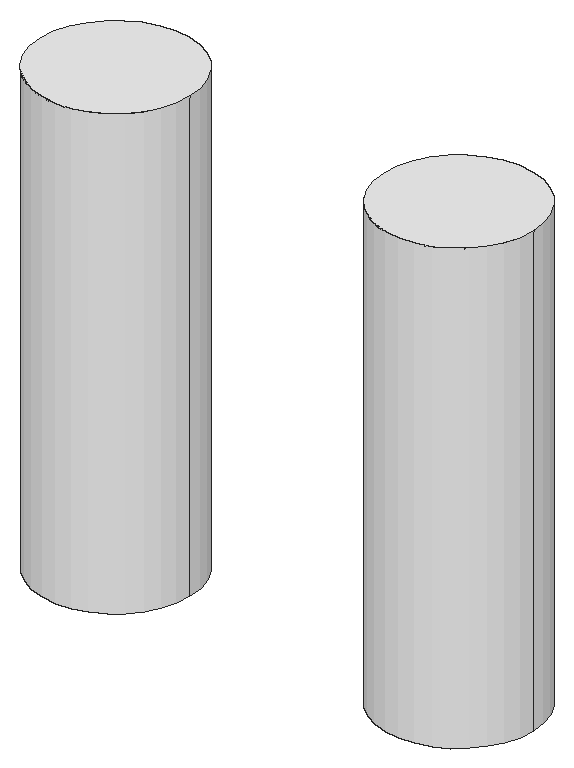
Revit family "56391103", category Plumbing Fixtures, Revit 2020
Family settings
  Round Connector Dimension = Use Diameter
  Part Type = Normal
  OmniClass Number = 23.45.55.00
  OmniClass Title = Sanitary Faucets, Wastes
  Work Plane-Based = No
  Always vertical = Yes
  Cut with Voids When Loaded = No
  Shared = No
  Room Calculation Point = No
Parameters (values of type "56391103 Washbasin faucet, low pressure")
  Working Pressure = "50 - 500 kPa"
  WarrantyStartDate [instance] = "n/a"
  WarrantyGuarantorParts = "n/a"
  WarrantyGuarantorLabor = "n/a"
  WarrantyDurationUnit = "Year"
  WarrantyDurationParts = "n/a"
  WarrantyDurationLabor = "n/a"
  WarrantyDescription = "http://warranty.hansa.com"
  Warranty Information URL = "http://warranty.hansa.com"
  VersionDate = "01/06/2023"
  Version = "1"
  ValvePattern = "n/a"
  ValveOperation = "n/a"
  ValveMechanism = "n/a"
  Uniclass2015Reference = "Pr_40_20_87_96"
  Uniclass2015Description = "Washbasin manual water supply sets"
  Uniclass2 = "Pr_40_30_96_96"
  URL REACH = "http://static.hansa.com/doc/reach"
  URL EcoLabel Declaration = "http://static.hansa.com/doc/EcoLabel"
  URL EU Packaging Declaration = "http://static.hansa.com/doc/packaging"
  URL Declaration of SCIP = "http://static.hansa.com/doc/SCIP"
  URL Declaration of Conformity = "http://static.hansa.com/DoC/56391103"
  URL Declaration of Asbestos = "http://static.hansa.com/doc/asbestos"
  URL Declaration Of Performance (DOP) = "http://static.hansa.com/doc/DoP"
  URL = ""
  UNSPSC Class Number = "30181700 Faucets or taps"
  TestPressure = "n/a"
  Temperature Adjustments = "Limitation option for maximum temperature and flow-rate ;Adjustable hot water stop (included, retrofittable)"
  Technical DataSheet URL = "http://www.hansa.com/datasheet/56391103/en"
  TagNumber [instance] = "n/a"
  SustainabilityPerformance = "n/a"
  Surface treatment = "Chrome"
  Spout Type = "Fixed spout"
  Spout Projection = "102 mm"
  Spare-Part Information URL = "http://static.hansa.com/sp/56391103"
  Size = "50x155x135 mm"
  Shape = "Sculptured"
  SerialNumber [instance] = "n/a"
  Sales Package dimensions (LxWxH) = "673 x 195 x 81"
  Revision = "n/a"
  ReplacementCost = "n/a"
  ProductInformation = "n/a"
  Product URL = "http://static.hansa.com/56391103"
  Product Image URL = "http://static.hansa.com/image/56391103"
  Product Family = "HANSAPALENO "
  Product Code = "56391103"
  OperatingMechanismMaterial = "n/a"
  NominalWidth = 48.9 mm
  NominalHeight = 136 mm
  NominalDepth = 153 mm
  Noise Class = "I (ISO3822)"
  Name_en = "56391103 Washbasin faucet, low pressure"
  Name = "56391103 Washbasin faucet, low pressure"
  NBSReference = "45-35-70/371"
  NBSDescription = "Water supply fittings for wash basins and troughs"
  Mounting Holes = "1 hole"
  ModelReference = "56391103"
  ModelNumber = "n/a"
  Model = "56391103 Washbasin faucet, low pressure"
  Mobile Product Information URL = "http://mpi.hansa.com/56391103"
  Mechanical Parts = "ø 35 mm ceramic cartridge for flow and temperature control"
  Max. Hot Water Supply = 80 °C
  Material = "Brass"
  Market = "International;Germany;Austria;Switzerland;France;Italy"
  ManufacturerURL = "http://www.hansa.com"
  ManufacturerName = "HANSA"
  Manufacturer = "HANSA"
  Lever Handle = "Hot/Cold symbols;Single operating lever/handle"
  Interactive AR View URL = "https://static.hansa.com/AR/56391103"
  InstallationDate [instance] = "n/a"
  Installation and Maintenance Guide URL = "http://static.hansa.com/manual/56391103"
  Installation Type = "Deck mounted"
  InletConnectionSize = 10 mm
  IfcExportType = "FAUCET"  # constant formula
  IfcExportAs = "IfcValveType"  # constant formula
  Group = "Washbasin faucet"
  Grade = "n/a"
  FlowCoefficient = 0
  Flow Rate At 300kPa With Flow Reducers = 0.01 L/s
  Flow Drawing URL = "http://static.hansa.com/flowchart/56391103"
  Finish = "Polished"
  Features = "Single-lever;Low pressure"
  FaucetMainMaterial = Brass
  FDV Document URL = "http://www.hansa.com/datasheet/56391103/en/fdv"
  Extensions = "Pop-up waste with draw-rod"
  ExpectedLife = "n/a"
  ETIM Class Number = "EC011328 Washbasin mixing tap"
  EN Standard = "EN 817"
  EAN Number = "4057304012082"
  DurationUnit = "Year"
  Dimension Drawing URL = "http://static.hansa.com/dimdrw/56391103"
  Description = ""
  DefaultElevation [instance] = 900 mm
  Default Elevation = 0 mm
  Constituents = "n/a"
  Connection Size = "G3/8"
  Color = "Chrome"
  CodePerformance = "n/a"
  CloseOffRating = 0
  Category = "Washbasin"
  Catalog Drawing URL = "http://static.hansa.com/catdrw/56391103"
  Brand = "HANSA"
  BodyMaterial = "Brass"
  Barcode [instance] = "n/a"
  BIMObjectName = "56391103"
  Author = "BIMStone"
  AssetType = "Fixed"
  AssetIdentifier [instance] = "n/a"
  Aerator = "Laminar stream"
  Advanced Features = "3S-installation system for safe and simple mounting"
  AccessibilityPerformance = "n/a"
  3D View = "https://static.hansa.com/AR/56391103"
  2D/3D/BIM Files URL = "http://static.hansa.com/bim/56391103"
Reference planes
  plane 1 "Center (Front/Back)": y = 0
  plane 2: z = 0
  plane 3 "Center (Left/Right)": x = 0
  plane 4: x = -24.45
  plane 5: z = 900
  plane 6: z = 870
  plane 7: y = -153
  plane 8: x = 24.45
  plane 9: z = 1036
Forms (mm)
  Extrusion 1, solid, material "Brass" <- "FaucetMainMaterial"
    sketch origin (-44.989, -3.512, 0) x (1, 0, 0) y (0, 1, 0)
      loop
        circle (33.489, -36) r 5
      loop
        circle (56.489, -36) r 5
    from 870 to 900
Dimensions and locks
  "DefaultElevation": plane 5 to level
  locked: plane 5 to plane 6 at 30
  "NominalDepth": plane 7 to plane 1 "Center (Front/Back)"
  "NominalHeight": plane 9 to plane 5
  equal spacing: plane 4, plane 3 "Center (Left/Right)", plane 8
  "NominalWidth": plane 4 to plane 8
  "InletConnectionSize": diameter of Extrusion 1 sketch curve  (x2)
  aligned and locked: level to plane 2
  aligned and locked: plane 5 to Extrusion 1
  aligned and locked: Extrusion 1 to plane 6
  aligned and locked: nested 2 to plane 5
Automatic sketch dimensions
  Extrusion 1 sketch curve to plane 3 "Center (Left/Right)" = 11.5 mm
  plane 3 "Center (Left/Right)" to Extrusion 1 sketch curve = 11.5 mm
  plane 1 "Center (Front/Back)" to Extrusion 1 sketch curve = 39.512 mm  (x2)
Nested families
  nested 1: "Symbol" at (0, 0, 0), type "Symbol", detail levels coarse
  nested 2: "56391103_p" at (0, 0, 900), Main <- "FaucetMainMaterial", type "56391103_p"
    with Main Brass
Connectors
  piping at (-11.5, -39.512, 870), diameter 10, driven by "InletConnectionSize"
    settings: on Extrusion 1, index 1, connector inside diameter 609.6 mm, connector length 0 mm, flow factor 0, pipe flow 0.1 L/s, pressure drop 0.0 Pa, fitting loss kfactor 0, connector angle 0.00°, fixture units 0, engagement length 0 mm, angle of deflection 0.00°, flow configuration 1, flow direction 1, fitting loss method 0, system type 19, joint type 0, gender type 0, connector reference index -1, connector utility 0, adjustable connector no, is connector primary yes, connector description ""
  piping at (11.5, -39.512, 870), diameter 10, driven by "InletConnectionSize"
    settings: on Extrusion 1, index 2, connector inside diameter 609.6 mm, connector length 0 mm, flow factor 0, pipe flow 0.1 L/s, pressure drop 0.0 Pa, fitting loss kfactor 0, connector angle 0.00°, fixture units 0, engagement length 0 mm, angle of deflection 0.00°, flow configuration 1, flow direction 1, fitting loss method 0, system type 20, joint type 0, gender type 0, connector reference index -1, connector utility 0, adjustable connector no, is connector primary no, connector description ""
Definition of nested family "Symbol"
  Reference planes
    plane 1: y = 0
    plane 2: x = 0
  Lines and regions (mm)
    detail lines
      curve 1: line (0, 0, 0) -> (0, -1.8, 0)
      curve 2: line (-0.4, -1.1, 0) -> (0.4, -1.1, 0)
      curve 3: line (-0.4, -1.4, 0) -> (0.4, -1.4, 0)
      curve 4: line (0.863, 0, 0) -> (-0.863, 0, 0)
      curve 5: circle (-1.163, 0, 0) r 0.3 normal (0, 0, -1)
      curve 6: circle (1.163, 0, 0) r 0.3 normal (0, 0, 1)
Definition of nested family "56391103_p"
  Parameters (values of type "56391103_p")
    Main [instance] = none
    Default Elevation = 0 mm
  Reference planes
    plane 1 "Center (Front/Back)": y = 0
    plane 2: z = 0
    plane 3 "Center (Left/Right)": x = 0
    plane 4: x = -24.617
    plane 5: x = 24.617
    plane 6: y = -153.046
    plane 7: z = 135.82
  Forms (mm)
    Revolve 1, solid, material <- "Main", detail levels medium
      sketch origin (0, 0, 0) x (0, 1, 0) y (0, 0, 1)
        loop
          line (-13.867, -23.402) -> (-29.564, 156.008) -> (-52.982, 153.96) -> (-37.285, -25.451) -> (-13.867, -23.402)
        axis (-52.982, 153.96) -> (-37.285, -25.451)
      angle from 0 to 360
    Extrusion 2, void
      sketch origin (0, 0, 0) x (0, 1, 0) y (0, 0, 1)
        loop
          line (-84.903, 135.82) -> (-19.903, 135.82) -> (-19.903, 165.82) -> (-84.903, 165.82) -> (-84.903, 135.82)
        loop
          line (-67.585, 0) -> (-67.585, -35) -> (-7.585, -35) -> (-7.585, 0) -> (-67.585, 0)
      from -49.356 to 92.918
    Extrusion 3, solid, material <- "Main", detail levels medium
      sketch origin (0, 0, 0) x (1, 0, 0) y (0, 1, 0)
        loop
          line (-7.521, -92.482) -> (-6.93, -136.945)
          arc (-6.93, -136.945) -> (-6.646, -137.757) -> (-5.931, -138.234) r 1.354
          arc (-5.931, -138.234) -> (-2.992, -138.82) -> (0, -139.002) r 22.031
          arc (0, -139.002) -> (2.992, -138.82) -> (5.931, -138.234) r 22.031
          arc (5.931, -138.234) -> (6.646, -137.757) -> (6.93, -136.945) r 1.354
          line (6.93, -136.945) -> (7.521, -92.482)
          arc (7.521, -92.482) -> (8.321, -86.138) -> (10.649, -80.182) r 25.931
          arc (10.649, -80.182) -> (13.331, -75.755) -> (16.426, -71.606) r 53.655
          arc (16.426, -71.606) -> (18.861, -68.419) -> (21.056, -65.062) r 54.532
          arc (21.056, -65.062) -> (23.173, -57.28) -> (23.403, -49.217) r 34.087
          line (23.403, -49.217) -> (-23.403, -49.217)
          arc (-23.403, -49.217) -> (-23.173, -57.28) -> (-21.056, -65.062) r 34.087
          arc (-21.056, -65.062) -> (-18.861, -68.419) -> (-16.426, -71.606) r 54.532
          arc (-16.426, -71.606) -> (-13.331, -75.755) -> (-10.649, -80.182) r 53.655
          arc (-10.649, -80.182) -> (-8.321, -86.138) -> (-7.521, -92.482) r 25.931
      from 123.077 to 135.82
    Extrusion 4, solid, material <- "Main", detail levels medium
      sketch origin (0, 0, 0) x (0, 1, 0) y (0, 0, 1)
        loop
          line (-105.174, 93.823) -> (-151.944, 89.512)
          arc (-151.944, 89.512) -> (-152.971, 88.681) -> (-152.6, 87.413) r 1.191
          line (-152.6, 87.413) -> (-147.596, 83.214) -> (-151.649, 77.426) -> (-132.008, 63.673) -> (-129.158, 67.743) -> (-127.647, 66.475) -> (-52.466, 68.212) -> (-55.075, 98.033)
          arc (-55.075, 98.033) -> (-80.133, 96.03) -> (-105.174, 93.823) r 3101.602
      from -20 to 20
    Revolve 5, solid, material <- "Main", detail levels medium
      sketch origin (0, 0, 0) x (0, 1, 0) y (0, 0, 1)
        loop
          line (-18.79, 21.887) -> (-10.782, 43.888) -> (-12.429, 44.487) -> (-20.437, 22.486) -> (-18.79, 21.887)
        axis (-12.429, 44.487) -> (-20.437, 22.486)
      angle from 0 to 360
    Extrusion 6, solid, material <- "Main", detail levels medium
      sketch origin (0, 0, 0) x (0, 1, 0) y (0, 0, 1)
        loop
          arc (-6.214, 41.559) -> (-3.258, 41.771) -> (-0.722, 43.305) r 6.33
          line (-0.722, 43.305) -> (-0.022, 46.598)
          arc (-0.022, 46.598) -> (-0.165, 47.365) -> (-0.808, 47.808) r 1.02
          line (-0.808, 47.808) -> (-14.478, 50.713)
          arc (-14.478, 50.713) -> (-15.208, 50.578) -> (-15.628, 49.966) r 0.97
          line (-15.628, 49.966) -> (-16.428, 46.202)
          arc (-16.428, 46.202) -> (-16.421, 45.742) -> (-16.213, 45.33) r 1.029
          arc (-16.213, 45.33) -> (-15.437, 44.447) -> (-14.615, 43.607) r 21.863
          line (-14.615, 43.607) -> (-11.321, 42.408) -> (-6.214, 41.559)
      from -5 to 5
    Extrusion 7, solid, material <- "Main", detail levels coarse
      sketch origin (0, 0, 0) x (0, 1, 0) y (0, 0, 1)
        loop
          line (0, 0) -> (0, 135.82) -> (-153.046, 135.82) -> (-153.046, 0) -> (0, 0)
      from -24.617 to 24.617
  Cuts and joins
    Extrusion 2 cuts Revolve 1
    joined: Revolve 1, Extrusion 3, Extrusion 4, Revolve 5, Extrusion 6
  Lines and regions (mm)
    symbolic lines, detail levels medium+fine
      curve 1: arc (-10.483, -152.342, 0) -> (0.493, -153.044, 0) -> (11.459, -152.194, 0) r 77.963
      curve 2: line (-16.526, -145.907, 0) -> (-22.573, -61.775, 0)
      curve 3: arc (-10.483, -152.342, 0) -> (-14.647, -150.197, 0) -> (-16.526, -145.907, 0) r 7
      curve 4: arc (-24.617, -49.217, 0) -> (-24.331, -45.477, 0) -> (-23.48, -41.823, 0) r 24.617
      curve 5: arc (-23.48, -41.823, 0) -> (-22.352, -32.537, 0) -> (-17.956, -24.28, 0) r 25.54
      curve 6: arc (-17.956, -24.28, 0) -> (-12.813, -19.603, 0) -> (-6.464, -16.774, 0) r 21.896
      curve 7: arc (-6.464, -16.774, 0) -> (-4.283, -16.293, 0) -> (-2.068, -16.001, 0) r 26.072
      curve 8: line (-5, -4.907, 0) -> (-5, -11.473, 0)
      curve 9: arc (0, 0, 0) -> (-3.53, -1.404, 0) -> (-5, -4.907, 0) r 4.908
      curve 10: arc (-5, -11.473, 0) -> (-4.203, -14.17, 0) -> (-2.068, -16.001, 0) r 4.963
      curve 13: arc (-22.573, -61.775, 0) -> (-24.103, -55.579, 0) -> (-24.617, -49.217, 0) r 39.601
      curve 23: line (16.526, -145.907, 0) -> (22.573, -61.775, 0)
      curve 24: arc (10.483, -152.342, 0) -> (14.647, -150.197, 0) -> (16.526, -145.907, 0) r 7
      curve 25: arc (24.617, -49.217, 0) -> (24.331, -45.477, 0) -> (23.48, -41.823, 0) r 24.617
      curve 26: arc (23.48, -41.823, 0) -> (22.352, -32.537, 0) -> (17.956, -24.28, 0) r 25.54
      curve 27: arc (17.956, -24.28, 0) -> (12.813, -19.603, 0) -> (6.464, -16.774, 0) r 21.896
      curve 28: arc (6.464, -16.774, 0) -> (4.283, -16.293, 0) -> (2.068, -16.001, 0) r 26.072
      curve 29: line (5, -4.907, 0) -> (5, -11.473, 0)
      curve 30: arc (0, 0, 0) -> (3.53, -1.404, 0) -> (5, -4.907, 0) r 4.908
      curve 31: arc (5, -11.473, 0) -> (4.203, -14.17, 0) -> (2.068, -16.001, 0) r 4.963
      curve 34: arc (22.573, -61.775, 0) -> (24.103, -55.579, 0) -> (24.617, -49.217, 0) r 39.601
      curve 44: line (0, 0, 0) -> (-23.507, 0, 0)
      curve 45: line (-23.507, 0, 0) -> (-23.507, 0, 98.025)
      curve 46: line (-24.617, 0, 101.423) -> (-24.191, 0, 133.145)
      curve 47: line (0, 0, 135.82) -> (-5.848, 0, 135.82)
      curve 48: arc (-5.848, 0, 135.82) -> (-14.236, 0, 135.589) -> (-22.599, 0, 134.898) r 152.743
      curve 49: arc (-24.191, 0, 133.145) -> (-23.727, 0, 134.323) -> (-22.599, 0, 134.898) r 1.788
      curve 55: line (-22.622, 0, 100.367) -> (-22.757, 0, 98.832)
      curve 56: arc (-23.507, 0, 97.889) -> (-23.297, 0, 98.492) -> (-22.757, 0, 98.832) r 0.967
      curve 60: spline (-24.617, 0, 101.423) -> (-24.603, 0, 101.333) -> (-24.561, 0, 101.244) -> (-24.492, 0, 101.154) -> (-24.395, 0, 101.065) -> (-24.27, 0, 100.977) -> (-24.118, 0, 100.888) -> (-23.938, 0, 100.801) -> (-23.731, 0, 100.714) -> (-23.498, 0, 100.628) -> (-23.238, 0, 100.543) -> (-22.952, 0, 100.459) -> (-22.639, 0, 100.375)
      curve 71: line (0, 0, 0) -> (23.507, 0, 0)
      curve 72: line (23.507, 0, 0) -> (23.507, 0, 98.025)
      curve 73: line (24.617, 0, 101.423) -> (24.191, 0, 133.145)
      curve 74: line (0, 0, 135.82) -> (5.848, 0, 135.82)
      curve 75: arc (5.848, 0, 135.82) -> (14.236, 0, 135.589) -> (22.599, 0, 134.898) r 152.743
      curve 76: arc (24.191, 0, 133.145) -> (23.727, 0, 134.323) -> (22.599, 0, 134.898) r 1.788
      curve 82: line (22.622, 0, 100.367) -> (22.757, 0, 98.832)
      curve 83: arc (23.507, 0, 97.889) -> (23.297, 0, 98.492) -> (22.757, 0, 98.832) r 0.967
      curve 87: spline (24.617, 0, 101.423) -> (24.603, 0, 101.333) -> (24.561, 0, 101.244) -> (24.492, 0, 101.154) -> (24.395, 0, 101.065) -> (24.27, 0, 100.977) -> (24.118, 0, 100.888) -> (23.938, 0, 100.801) -> (23.731, 0, 100.714) -> (23.498, 0, 100.628) -> (23.238, 0, 100.543) -> (22.952, 0, 100.459) -> (22.639, 0, 100.375)
      curve 98: line (0, -15.915, 0) -> (0, -63.109, 0)
      curve 99: line (0, -24.711, 100.544) -> (0, -25.511, 100.479)
      curve 102: line (0, -15.915, 0) -> (0, -18.016, 24.014)
      curve 103: line (0, -63.109, 0) -> (0, -66.804, 42.234)
      curve 104: line (0, -94.73, 67.236) -> (0, -127.647, 66.475)
      curve 105: arc (0, -66.804, 42.234) -> (0, -75.822, 60.258) -> (0, -94.73, 67.236) r 27.397
      curve 106: arc (0, -71.573, 96.737) -> (0, -88.377, 95.326) -> (0, -105.174, 93.823) r 3101.602
      curve 107: arc (0, -25.511, 100.479) -> (0, -26.979, 106.263) -> (0, -29.941, 111.444) r 22.12
      curve 108: line (0, -70.804, 99.207) -> (0, -70.804, 96.8)
      curve 109: line (0, -72.546, 99.066) -> (0, -75.051, 116.246)
      curve 110: line (0, -25.765, 113.821) -> (0, -29.127, 133.304)
      curve 111: line (0, -83.102, 123.208) -> (0, -136.936, 123.208)
      curve 112: arc (0, -75.051, 116.246) -> (0, -77.78, 121.226) -> (0, -83.102, 123.208) r 8.136
      curve 113: arc (0, -138.384, 134.918) -> (0, -139.024, 129.669) -> (0, -138.447, 124.413) r 22.989
      curve 114: arc (0, -136.936, 123.208) -> (0, -137.902, 123.546) -> (0, -138.447, 124.413) r 1.55
      curve 115: line (0, -137.011, 136) -> (0, -92.029, 136)
      curve 116: arc (0, -138.384, 134.918) -> (0, -137.885, 135.697) -> (0, -137.011, 136) r 1.413
      curve 117: arc (0, -92.029, 136) -> (0, -78.127, 135.816) -> (0, -64.236, 135.262) r 523.836
      curve 118: line (0, -30.991, 134.874) -> (0, -49.162, 134.874)
      curve 119: arc (0, -64.236, 135.262) -> (0, -56.702, 134.965) -> (0, -49.162, 134.874) r 275.77
      curve 120: arc (0, -29.127, 133.304) -> (0, -29.773, 134.429) -> (0, -30.991, 134.874) r 1.891
      curve 121: line (0, -18.016, 24.014) -> (0, -11.321, 42.408)
      curve 122: line (0, -18.739, 32.278) -> (0, -14.615, 43.607)
      curve 124: line (0, -15.628, 49.966) -> (0, -16.428, 46.202)
      curve 125: line (0, -0.022, 46.598) -> (0, -0.659, 43.604)
      curve 126: line (0, -0.808, 47.808) -> (0, -14.478, 50.713)
      curve 127: arc (0, -14.478, 50.713) -> (0, -15.208, 50.578) -> (0, -15.628, 49.966) r 0.97
      curve 128: arc (0, -0.808, 47.808) -> (0, -0.165, 47.365) -> (0, -0.022, 46.598) r 1.02
      curve 129: line (0, -6.214, 41.559) -> (0, -11.321, 42.408)
      curve 130: arc (0, -16.428, 46.202) -> (0, -16.421, 45.742) -> (0, -16.213, 45.33) r 1.029
      curve 131: arc (0, -16.213, 45.33) -> (0, -15.437, 44.447) -> (0, -14.615, 43.607) r 21.863
      curve 132: arc (0, -0.988, 43.057) -> (0, -3.432, 41.718) -> (0, -6.214, 41.559) r 6.33
      curve 133: arc (0, -0.659, 43.604) -> (0, -0.777, 43.303) -> (0, -0.988, 43.057) r 0.981
      curve 135: line (0, -18.739, 32.278) -> (0, -24.711, 100.544)
      curve 136: line (0, -70.804, 99.207) -> (0, -72.546, 99.066)
      curve 137: line (0, -70.804, 96.8) -> (0, -71.573, 96.737)
      curve 138: line (0, -29.941, 111.444) -> (0, -25.765, 113.821)
      curve 140: line (0, -127.647, 66.475) -> (0, -129.158, 67.743)
      curve 141: line (0, -105.174, 93.823) -> (0, -151.944, 89.512)
      curve 142: arc (0, -151.944, 89.512) -> (0, -152.971, 88.681) -> (0, -152.6, 87.413) r 1.191
      curve 143: line (0, -151.649, 77.426) -> (0, -132.008, 63.673)
      curve 144: line (0, -147.596, 83.214) -> (0, -151.649, 77.426)
      curve 145: line (0, -129.158, 67.743) -> (0, -132.008, 63.673)
      curve 146: line (0, -147.596, 83.214) -> (0, -152.6, 87.413)
    symbolic lines, detail levels fine
      curve 11: line (-1.745, -16.132, 0) -> (-1.745, -18.401, 0)
      curve 12: spline (-1.745, -18.401, 0) -> (-1.73, -18.523, 0) -> (-1.685, -18.642, 0) -> (-1.612, -18.758, 0) -> (-1.511, -18.867, 0) -> (-1.384, -18.968, 0) -> (-1.234, -19.06, 0) -> (-1.062, -19.14, 0) -> (-0.872, -19.208, 0) -> (-0.668, -19.261, 0) -> (-0.451, -19.301, 0) -> (-0.228, -19.324, 0) -> (0, -19.332, 0)
      curve 14: arc (-21.056, -65.062, 0) -> (-21.905, -63.461, 0) -> (-22.573, -61.775, 0) r 16.527
      curve 15: arc (-16.426, -71.606, 0) -> (-18.861, -68.419, 0) -> (-21.056, -65.062, 0) r 54.532
      curve 16: arc (-10.649, -80.182, 0) -> (-13.331, -75.755, 0) -> (-16.426, -71.606, 0) r 53.655
      curve 17: arc (-7.521, -92.482, 0) -> (-8.321, -86.138, 0) -> (-10.649, -80.182, 0) r 25.931
      curve 18: line (-7.521, -92.482, 0) -> (-6.93, -136.945, 0)
      curve 19: arc (-5.931, -138.234, 0) -> (-2.992, -138.82, 0) -> (0, -139.002, 0) r 22.031
      curve 20: arc (-6.93, -136.945, 0) -> (-6.646, -137.757, 0) -> (-5.931, -138.234, 0) r 1.354
      curve 21: arc (-23.48, -41.823, 0) -> (-14.56, -29.367, 0) -> (0, -24.6, 0) r 24.617
      curve 22: arc (-2.068, -16.001, 0) -> (-1.057, -16.33, 0) -> (0, -16.435, 0) r 4.963
      curve 32: line (1.745, -16.132, 0) -> (1.745, -18.401, 0)
      curve 33: spline (1.745, -18.401, 0) -> (1.73, -18.523, 0) -> (1.685, -18.642, 0) -> (1.612, -18.758, 0) -> (1.511, -18.867, 0) -> (1.384, -18.968, 0) -> (1.234, -19.06, 0) -> (1.062, -19.14, 0) -> (0.872, -19.208, 0) -> (0.668, -19.261, 0) -> (0.451, -19.301, 0) -> (0.228, -19.324, 0) -> (0, -19.332, 0)
      curve 35: arc (21.056, -65.062, 0) -> (21.905, -63.461, 0) -> (22.573, -61.775, 0) r 16.527
      curve 36: arc (16.426, -71.606, 0) -> (18.861, -68.419, 0) -> (21.056, -65.062, 0) r 54.532
      curve 37: arc (10.649, -80.182, 0) -> (13.331, -75.755, 0) -> (16.426, -71.606, 0) r 53.655
      curve 38: arc (7.521, -92.482, 0) -> (8.321, -86.138, 0) -> (10.649, -80.182, 0) r 25.931
      curve 39: line (7.521, -92.482, 0) -> (6.93, -136.945, 0)
      curve 40: arc (5.931, -138.234, 0) -> (2.992, -138.82, 0) -> (0, -139.002, 0) r 22.031
      curve 41: arc (6.93, -136.945, 0) -> (6.646, -137.757, 0) -> (5.931, -138.234, 0) r 1.354
      curve 42: arc (23.48, -41.823, 0) -> (14.56, -29.367, 0) -> (0, -24.6, 0) r 24.617
      curve 43: arc (2.068, -16.001, 0) -> (1.057, -16.33, 0) -> (0, -16.435, 0) r 4.963
      curve 50: arc (-6.756, 0, 134.058) -> (-6.963, 0, 129.627) -> (-6.756, 0, 125.196) r 47.666
      curve 51: arc (-5.128, 0, 135.675) -> (-6.235, 0, 135.162) -> (-6.756, 0, 134.058) r 1.79
      curve 52: arc (-2.068, 0, 135.82) -> (-3.599, 0, 135.777) -> (-5.128, 0, 135.675) r 39.282
      curve 53: arc (-6.756, 0, 125.196) -> (-6.258, 0, 124.11) -> (-5.191, 0, 123.571) r 1.809
      curve 54: arc (-5.191, 0, 123.571) -> (-2.601, 0, 123.329) -> (0, 0, 123.281) r 34.732
      curve 57: spline (-22.757, 0, 98.832) -> (-22.562, 0, 98.576) -> (-21.981, 0, 98.323) -> (-21.024, 0, 98.079) -> (-19.707, 0, 97.849) -> (-18.053, 0, 97.635) -> (-16.091, 0, 97.441) -> (-13.852, 0, 97.272) -> (-11.377, 0, 97.129) -> (-8.708, 0, 97.015) -> (-5.889, 0, 96.932) -> (-2.97, 0, 96.882) -> (0, 0, 96.865)
      curve 58: line (-23.507, 0, 87.376) -> (-16.905, 0, 74.958)
      curve 59: arc (-16.905, 0, 74.958) -> (-14.342, 0, 71.239) -> (-11, 0, 68.199) r 19.74
      curve 61: arc (-13.632, 0, 86.46) -> (-6.829, 0, 87.082) -> (0, 0, 87.29) r 112.335
      curve 62: line (-23.507, 0, 98.025) -> (-17.405, 0, 88.261)
      curve 63: arc (-17.405, 0, 88.261) -> (-15.781, 0, 86.811) -> (-13.632, 0, 86.46) r 3.893
      curve 64: spline (0, 0, 64.492) -> (-2.773, 0, 64.701) -> (-5.358, 0, 65.313) -> (-7.577, 0, 66.285) -> (-9.28, 0, 67.553) -> (-10.351, 0, 69.029) -> (-10.716, 0, 70.613) -> (-10.351, 0, 72.198) -> (-9.28, 0, 73.674) -> (-7.577, 0, 74.941) -> (-5.358, 0, 75.914) -> (-2.773, 0, 76.526) -> (0, 0, 76.734)
      curve 65: line (-11, 0, 76.576) -> (-11, 0, 68.199)
      curve 66: arc (-11, 0, 76.576) -> (-11.983, 0, 73.761) -> (-11, 0, 70.946) r 4.519
      curve 67: arc (-11.983, 0, 73.761) -> (-11.352, 0, 77.899) -> (-8.48, 0, 80.944) r 7.028
      curve 68: arc (-8.48, 0, 80.944) -> (-4.383, 0, 82.589) -> (0, 0, 83.121) r 16.963
      curve 69: arc (-11, 0, 68.199) -> (-5.857, 0, 65.287) -> (0, 0, 64.492) r 15.628
      curve 70: spline (-22.639, 0, 100.375) -> (-21.593, 0, 100.142) -> (-20.343, 0, 99.921) -> (-18.901, 0, 99.714) -> (-17.28, 0, 99.523) -> (-15.496, 0, 99.35) -> (-13.565, 0, 99.197) -> (-11.506, 0, 99.065) -> (-9.338, 0, 98.955) -> (-7.082, 0, 98.868) -> (-4.759, 0, 98.806) -> (-2.391, 0, 98.768) -> (0, 0, 98.756)
      curve 77: arc (6.756, 0, 134.058) -> (6.963, 0, 129.627) -> (6.756, 0, 125.196) r 47.666
      curve 78: arc (5.128, 0, 135.675) -> (6.235, 0, 135.162) -> (6.756, 0, 134.058) r 1.79
      curve 79: arc (2.068, 0, 135.82) -> (3.599, 0, 135.777) -> (5.128, 0, 135.675) r 39.282
      curve 80: arc (6.756, 0, 125.196) -> (6.258, 0, 124.11) -> (5.191, 0, 123.571) r 1.809
      curve 81: arc (5.191, 0, 123.571) -> (2.601, 0, 123.329) -> (0, 0, 123.281) r 34.732
      curve 84: spline (22.757, 0, 98.832) -> (22.562, 0, 98.576) -> (21.981, 0, 98.323) -> (21.024, 0, 98.079) -> (19.707, 0, 97.849) -> (18.053, 0, 97.635) -> (16.091, 0, 97.441) -> (13.852, 0, 97.272) -> (11.377, 0, 97.129) -> (8.708, 0, 97.015) -> (5.889, 0, 96.932) -> (2.97, 0, 96.882) -> (0, 0, 96.865)
      curve 85: line (23.507, 0, 87.376) -> (16.905, 0, 74.958)
      curve 86: arc (16.905, 0, 74.958) -> (14.342, 0, 71.239) -> (11, 0, 68.199) r 19.74
      curve 88: arc (13.632, 0, 86.46) -> (6.829, 0, 87.082) -> (0, 0, 87.29) r 112.335
      curve 89: line (23.507, 0, 98.025) -> (17.405, 0, 88.261)
      curve 90: arc (17.405, 0, 88.261) -> (15.781, 0, 86.811) -> (13.632, 0, 86.46) r 3.893
      curve 91: spline (0, 0, 64.492) -> (2.773, 0, 64.701) -> (5.358, 0, 65.313) -> (7.577, 0, 66.285) -> (9.28, 0, 67.553) -> (10.351, 0, 69.029) -> (10.716, 0, 70.613) -> (10.351, 0, 72.198) -> (9.28, 0, 73.674) -> (7.577, 0, 74.941) -> (5.358, 0, 75.914) -> (2.773, 0, 76.526) -> (0, 0, 76.734)
      curve 92: line (11, 0, 76.576) -> (11, 0, 68.199)
      curve 93: arc (11, 0, 76.576) -> (11.983, 0, 73.761) -> (11, 0, 70.946) r 4.519
      curve 94: arc (11.983, 0, 73.761) -> (11.352, 0, 77.899) -> (8.48, 0, 80.944) r 7.028
      curve 95: arc (8.48, 0, 80.944) -> (4.383, 0, 82.589) -> (0, 0, 83.121) r 16.963
      curve 96: arc (11, 0, 68.199) -> (5.857, 0, 65.287) -> (0, 0, 64.492) r 15.628
      curve 97: spline (22.639, 0, 100.375) -> (21.593, 0, 100.142) -> (20.343, 0, 99.921) -> (18.901, 0, 99.714) -> (17.28, 0, 99.523) -> (15.496, 0, 99.35) -> (13.565, 0, 99.197) -> (11.506, 0, 99.065) -> (9.338, 0, 98.955) -> (7.082, 0, 98.868) -> (4.759, 0, 98.806) -> (2.391, 0, 98.768) -> (0, 0, 98.756)
      curve 100: line (0, -48.218, 101.042) -> (0, -29.941, 111.444)
      curve 101: line (0, -48.218, 101.042) -> (0, -70.804, 99.207)
      curve 123: line (0, -11.321, 42.408) -> (0, -14.615, 43.607)
      curve 134: line (0, -18.016, 24.014) -> (0, -18.739, 32.278)
      curve 139: line (0, -25.511, 100.479) -> (0, -70.804, 96.8)
      curve 147: line (0, -129.158, 67.743) -> (0, -147.596, 83.214)
  Dimensions and locks
    aligned and locked: level to plane 2
